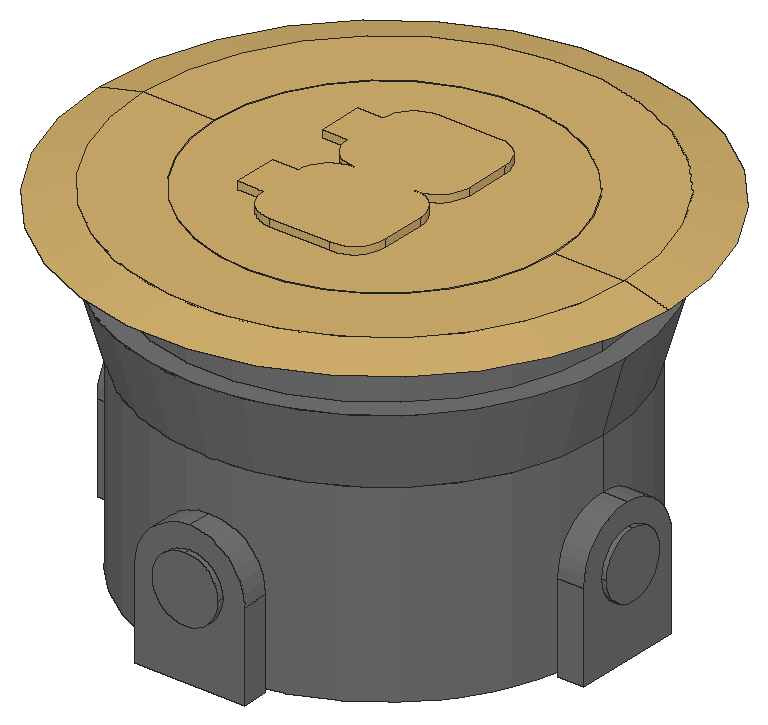
Revit family "Electrical_Equipment-Floor_Box-Hubbell_Wiring-Single_Service_Metal_Concrete-B2503", category Electrical Fixtures, host Face, Revit 2015
Parameters (values of type "B2503 - Brass Collar - 0.75in Access")
  URL = "http://www.hubbell-wiring.com/"
  Product data url = "https://bimobject.com/hubbellwiring/product/systemone-b2503"
  Product Page URL = "http://ecatalog.hubbell-wiring.com/productinformation/viewcatalog.aspx?Dest=hubbell-wiring.com/press/catalog/L.pdf&Page=4"
  Product Documentation Link = "http://ecatalog.hubbell-wiring.com/press/catalog/L-9.pdf"
  Model = "B2503"
  Manufacturer = "Hubbell-Wiring"  # constant formula
  Floor Box Type = Metal Concrete Floor Box : B2503 - Metal Concrete Floor Box
  Description = "Flush Round Single-Service Metal Concrete Floor Box"  # constant formula
  Default Elevation = 0' - 0"
  Cover Type [instance] = Single Service Covers : S3925 - Duplex Flap - Brass
  Cover Accessory Type [instance] = Carpet Flange : S3082 - 6.25in - Brass
  Construction Note [instance] = "Use Brass Cover Material -- Turn Off Accessory for One Piece Cover"  # constant formula
  Conduit Connector_4 Description = "Conduit 0.75in. Connection"
  Conduit Connector_3 Description = "Conduit 0.75in. Connection"
  Conduit Connector_2 Description = "Conduit 0.75in. Connection"
  Conduit Connector_1 Description = "Conduit 0.75in. Connection"
  Conduit Connector 1 Radius = 0' - 0 3/8"
  Collar Material = Metal-Hubbell-Brass
  Box Material = Metal-Hubbell-Cast Iron
  Assembly Code = "D5020115"
Reference planes (in)
  plane 1 "Center (Front/Back)": y = 0
  plane 2: z = 0
  plane 3 "Center (Left/Right)": x = 0
Forms (in)
  Extrusion 1, void, detail levels fine
    sketch origin (0, 0, 0) x (1, 0, 0) y (0, 1, 0)
      loop
        circle (0, 0) r 2.75014
    from 0.12 to -3.75
Lines and regions (in)
  symbolic lines
    curve 1: circle (0, 0, 0) r 3.25 normal (0, 0, 1)
Dimensions and locks (in)
  aligned and locked: plane 2 to host face
  aligned and locked: level to host face
  aligned: level to Extrusion 1
  aligned and locked: plane 1 "Center (Front/Back)" to nested 1
  aligned: plane 2 to nested 1
  aligned: Extrusion 1 to nested 1
  aligned and locked: plane 1 "Center (Front/Back)" to nested 2
  aligned and locked: plane 1 "Center (Front/Back)" to nested 3
  aligned and locked: plane 2 to nested 3
  aligned and locked: plane 3 "Center (Left/Right)" to nested 3
  aligned and locked: plane 3 "Center (Left/Right)" to nested 2
  aligned and locked: plane 2 to nested 1
  aligned and locked: plane 3 "Center (Left/Right)" to nested 1
  aligned and locked: nested 2 to plane 2
  aligned and locked: Extrusion 1 sketch curve to nested 2  (x2)
  aligned and locked: Extrusion 1 to nested 2
Nested families (in)
  nested 1: "Metal Concrete Floor Box" at (0, 0, 0), type <- "Floor Box Type", type "B2503 - Metal Concrete Floor Box"
  nested 2: "Carpet Flange" at (0, 0, 0), type <- "Cover Accessory Type", type "S3082 - 6.25in - Brass"
  nested 3: "Single Service Covers" at (0, 0, 0), type <- "Cover Type", type "S3925 - Duplex Flap - Brass"
Connectors (in)
  cabletrayconduit at (0, -2.83993, -2.75), diameter 0.75, driven by "Conduit Connector 1 Radius", driven by "Conduit Connector_1 Description"
    settings: on nested 1, index 1, connector width 1' - 0", connector height 1' - 0", connector angle 0.00°, system type 32, placement type 0, profile type 0, connector reference index -1, is primary connector yes, connector utility param no, connector description "Conduit 0.75in. Connection"
  cabletrayconduit at (2.83993, 0, -2.75), diameter 0.75, driven by "Conduit Connector 1 Radius", driven by "Conduit Connector_2 Description"
    settings: on nested 1, index 2, connector width 1' - 0", connector height 1' - 0", connector angle 0.00°, system type 32, placement type 0, profile type 0, connector reference index -1, is primary connector no, connector utility param no, connector description "Conduit 0.75in. Connection"
  cabletrayconduit at (0, 2.83993, -2.75), diameter 0.75, driven by "Conduit Connector 1 Radius", driven by "Conduit Connector_3 Description"
    settings: on nested 1, index 3, connector width 1' - 0", connector height 1' - 0", connector angle 0.00°, system type 32, placement type 0, profile type 0, connector reference index -1, is primary connector no, connector utility param no, connector description "Conduit 0.75in. Connection"
  cabletrayconduit at (-2.83993, 0, -2.75), diameter 0.75, driven by "Conduit Connector 1 Radius", driven by "Conduit Connector_4 Description"
    settings: on nested 1, index 4, connector width 1' - 0", connector height 1' - 0", connector angle 0.00°, system type 32, placement type 0, profile type 0, connector reference index -1, is primary connector no, connector utility param no, connector description "Conduit 0.75in. Connection"
Definition of nested family "Metal Concrete Floor Box"
  Parameters
    Cover Material = none
    Conduit Connector Offset = 0' - 1"
    Conduit Connector 1 Radius = 0' - 0 3/8"
    Can Material = none
    Assembly Code = ""
  Reference planes (in)
    plane 1 "Center (Front/Back)": y = 0
    plane 2: z = 0
    plane 3 "Center (Left/Right)": x = 0
    plane 4: z = -3.75
    plane 5: z = -2.75
  Forms (in)
    Extrusion 1, solid, material <- "Can Material"
      sketch origin (0, 0, 0) x (1, 0, 0) y (0, 1, 0)
        loop
          circle (0, 0) r 2.5
      from -1.55483 to -3.75
    Extrusion 2, solid, material <- "Cover Material"
      sketch origin (0, 0, 0) x (1, 0, 0) y (0, 1, 0)
        loop
          circle (0, 0) r 2.5
        loop
          circle (0, 0) r 2.25
      from -0.0625 to 0
    Extrusion 3, solid, material <- "Can Material"
      sketch origin (0, 0, 0) x (1, 0, 0) y (0, 1, 0)
        loop
          circle (0, 0) r 2.5
        loop
          circle (0, 0) r 2.25
      from -0.68019 to -0.0625
    Extrusion 4, solid, material <- "Can Material"
      sketch origin (0, 0, 0) x (1, 0, 0) y (0, 0, -1)
        loop
          arc (-0.375, 2.75) -> (-0.26517, 2.48483) -> (0, 2.375) r 0.375
          arc (0, 2.375) -> (0.26517, 2.48483) -> (0.375, 2.75) r 0.375
          arc (0.375, 2.75) -> (0.26517, 3.01517) -> (0, 3.125) r 0.375
          arc (0, 3.125) -> (-0.26517, 3.01517) -> (-0.375, 2.75) r 0.375
      from -2.77743 to -2.83993
    Blend 5, solid, material <- "Can Material"
      base sketch origin (0, 0, 0) x (1, 0, 0) y (0, 1, 0)
        loop
          circle (0, 0) r 2.5
      top sketch origin (0, 0, 0) x (1, 0, 0) y (0, 1, 0)
        loop
          circle (0, 0) r 2.75
      from -1.55483 to -0.68019
    Extrusion 6, solid, material <- "Can Material"
      sketch origin (0, 0, 0) x (1, 0, 0) y (0, 0, 1)
        loop
          line (-0.625, -2.75) -> (-0.625, -3.75) -> (0.625, -3.75) -> (0.625, -2.75)
          arc (0.625, -2.75) -> (0.44194, -2.30806) -> (0, -2.125) r 0.625
          arc (0, -2.125) -> (-0.44194, -2.30806) -> (-0.625, -2.75) r 0.625
      from 2.4825 to 2.77743
    Extrusion 7, solid, material <- "Can Material"
      sketch origin (0, 0, 0) x (1, 0, 0) y (0, 0, 1)
        loop
          arc (-0.375, -2.75) -> (-0.26517, -3.01517) -> (0, -3.125) r 0.375
          arc (0, -3.125) -> (0.26517, -3.01517) -> (0.375, -2.75) r 0.375
          arc (0.375, -2.75) -> (0.26517, -2.48483) -> (0, -2.375) r 0.375
          arc (0, -2.375) -> (-0.26517, -2.48483) -> (-0.375, -2.75) r 0.375
      from -2.77743 to -2.83993
    Extrusion 8, solid, material <- "Can Material"
      sketch origin (0, 0, 0) x (1, 0, 0) y (0, 0, -1)
        loop
          arc (-0.625, 2.75) -> (-0.44194, 2.30806) -> (0, 2.125) r 0.625
          arc (0, 2.125) -> (0.44194, 2.30806) -> (0.625, 2.75) r 0.625
          line (0.625, 2.75) -> (0.625, 3.75) -> (-0.625, 3.75) -> (-0.625, 2.75)
      from 2.4825 to 2.77743
    Extrusion 9, solid, material <- "Can Material"
      sketch origin (0, 0, 0) x (0, 1, 0) y (0, 0, -1)
        loop
          arc (-0.375, 2.75) -> (-0.26517, 2.48483) -> (0, 2.375) r 0.375
          arc (0, 2.375) -> (0.26517, 2.48483) -> (0.375, 2.75) r 0.375
          arc (0.375, 2.75) -> (0.26517, 3.01517) -> (0, 3.125) r 0.375
          arc (0, 3.125) -> (-0.26517, 3.01517) -> (-0.375, 2.75) r 0.375
      from -2.77743 to -2.83993
    Extrusion 10, solid, material <- "Can Material"
      sketch origin (0, 0, 0) x (0, 1, 0) y (0, 0, 1)
        loop
          line (-0.625, -2.75) -> (-0.625, -3.75) -> (0.625, -3.75) -> (0.625, -2.75)
          arc (0.625, -2.75) -> (0.44194, -2.30806) -> (0, -2.125) r 0.625
          arc (0, -2.125) -> (-0.44194, -2.30806) -> (-0.625, -2.75) r 0.625
      from 2.4825 to 2.77743
    Extrusion 11, solid, material <- "Can Material"
      sketch origin (0, 0, 0) x (0, 1, 0) y (0, 0, 1)
        loop
          arc (-0.375, -2.75) -> (-0.26517, -3.01517) -> (0, -3.125) r 0.375
          arc (0, -3.125) -> (0.26517, -3.01517) -> (0.375, -2.75) r 0.375
          arc (0.375, -2.75) -> (0.26517, -2.48483) -> (0, -2.375) r 0.375
          arc (0, -2.375) -> (-0.26517, -2.48483) -> (-0.375, -2.75) r 0.375
      from -2.77743 to -2.83993
    Extrusion 12, solid, material <- "Can Material"
      sketch origin (0, 0, 0) x (0, 1, 0) y (0, 0, -1)
        loop
          arc (-0.625, 2.75) -> (-0.44194, 2.30806) -> (0, 2.125) r 0.625
          arc (0, 2.125) -> (0.44194, 2.30806) -> (0.625, 2.75) r 0.625
          line (0.625, 2.75) -> (0.625, 3.75) -> (-0.625, 3.75) -> (-0.625, 2.75)
      from 2.4825 to 2.77743
  Cuts and joins
    joined: Extrusion 1, Extrusion 3, Extrusion 4, Blend 5, Extrusion 6, Extrusion 7, Extrusion 8, Extrusion 9, Extrusion 10, Extrusion 11, Extrusion 12
  Lines and regions (in)
    Masking region 1
      outline origin (0, 0, 0) x (1, 0, 0) y (0, 1, 0)
        loop
          line (0.375, 2.83993) -> (-0.375, 2.83993) -> (-0.375, 2.77743) -> (-0.625, 2.77743) -> (-0.625, 2.67804)
          arc (-0.625, 2.67804) -> (-1.94454, 1.94454) -> (-2.67804, 0.625) r 2.75
          line (-2.67804, 0.625) -> (-2.77743, 0.625) -> (-2.77743, 0.375) -> (-2.83993, 0.375) -> (-2.83993, -0.375) -> (-2.77743, -0.375) -> (-2.77743, -0.625) -> (-2.67804, -0.625)
          arc (-2.67804, -0.625) -> (-1.94454, -1.94454) -> (-0.625, -2.67804) r 2.75
          line (-0.625, -2.67804) -> (-0.625, -2.77743) -> (-0.375, -2.77743) -> (-0.375, -2.83993) -> (0.375, -2.83993) -> (0.375, -2.77743) -> (0.625, -2.77743) -> (0.625, -2.67804)
          arc (0.625, -2.67804) -> (1.94454, -1.94454) -> (2.67804, -0.625) r 2.75
          line (2.67804, -0.625) -> (2.77743, -0.625) -> (2.77743, -0.375) -> (2.83993, -0.375) -> (2.83993, 0.375) -> (2.77743, 0.375) -> (2.77743, 0.625) -> (2.67804, 0.625)
          arc (2.67804, 0.625) -> (1.94454, 1.94454) -> (0.625, 2.67804) r 2.75
          line (0.625, 2.67804) -> (0.625, 2.77743) -> (0.375, 2.77743) -> (0.375, 2.83993)
  Dimensions and locks (in)
    "Conduit Connector Offset": plane 5 to plane 4
    level to plane 4 = 0' - 3 3/4"
    "Conduit Connector 1 Radius": radius of Extrusion 4 sketch curve
    "Conduit Connector 1 Radius": radius of Extrusion 7 sketch curve
    "Conduit Connector 1 Radius": radius of Extrusion 9 sketch curve
    "Conduit Connector 1 Radius": radius of Extrusion 11 sketch curve
    aligned and locked: plane 2 to level
    aligned and locked: plane 4 to Extrusion 1
    aligned and locked: Extrusion 1 sketch curve to Extrusion 3
    aligned and locked: Extrusion 1 sketch curve to Extrusion 2
    aligned and locked: Extrusion 4 to Extrusion 6
    aligned and locked: Extrusion 8 to Extrusion 7
    aligned and locked: Extrusion 9 to Extrusion 10
    aligned and locked: Extrusion 12 to Extrusion 11
    aligned and locked: Masking region 1 sketch curve to cut or joined group of Extrusion 1, Extrusion 3, Extrusion 4, Blend 5, Extrusion 6, Extrusion 7, Extrusion 8, Extrusion 9, Extrusion 10, Extrusion 11, Extrusion 12  (x9)
  Automatic sketch dimensions
    Extrusion 2 sketch curve to Extrusion 2 sketch curve = 0' - 0"  (x2)
    plane 1 "Center (Front/Back)" to Extrusion 2 sketch curve = 0' - 0"
    Extrusion 2 sketch curve to plane 3 "Center (Left/Right)" = 0' - 0"
    Extrusion 3 sketch curve to Extrusion 3 sketch curve = 0' - 0"  (x2)
    plane 1 "Center (Front/Back)" to Extrusion 3 sketch curve = 0' - 0"
    Extrusion 3 sketch curve to plane 3 "Center (Left/Right)" = 0' - 0"
    Extrusion 4 sketch curve to Extrusion 4 sketch curve = 0' - 0"
    Extrusion 4 sketch curve to plane 5 = 0' - 0"
    Extrusion 4 sketch curve to plane 3 "Center (Left/Right)" = 0' - 0"
    plane 1 "Center (Front/Back)" to Blend 5 sketch curve = 0' - 0"  (x2)
    Blend 5 sketch curve to plane 3 "Center (Left/Right)" = 0' - 0"  (x2)
    Extrusion 6 sketch curve to Extrusion 6 sketch curve = 0' - 0"  (x2)
    Extrusion 6 sketch curve to plane 5 = 0' - 0"
    Extrusion 6 sketch curve to plane 4 = 0' - 0"
    Extrusion 6 sketch curve to plane 3 "Center (Left/Right)" = 0' - 0"
    Extrusion 6 sketch curve to plane 3 "Center (Left/Right)" = 0' - 0 5/8"
    Extrusion 7 sketch curve to Extrusion 7 sketch curve = 0' - 0"
    Extrusion 7 sketch curve to plane 5 = 0' - 0"
    Extrusion 7 sketch curve to plane 3 "Center (Left/Right)" = 0' - 0"
    Extrusion 8 sketch curve to Extrusion 8 sketch curve = 0' - 0"  (x2)
    Extrusion 8 sketch curve to plane 5 = 0' - 0"
    Extrusion 8 sketch curve to plane 4 = 0' - 0"
    Extrusion 8 sketch curve to plane 3 "Center (Left/Right)" = 0' - 0"
    Extrusion 8 sketch curve to plane 3 "Center (Left/Right)" = 0' - 0 5/8"
    Extrusion 9 sketch curve to Extrusion 9 sketch curve = 0' - 0"
    Extrusion 9 sketch curve to plane 5 = 0' - 0"
    Extrusion 9 sketch curve to plane 1 "Center (Front/Back)" = 0' - 0"
    Extrusion 10 sketch curve to Extrusion 10 sketch curve = 0' - 0"  (x2)
    Extrusion 10 sketch curve to plane 5 = 0' - 0"
    Extrusion 10 sketch curve to plane 4 = 0' - 0"
    Extrusion 10 sketch curve to plane 1 "Center (Front/Back)" = 0' - 0"
    Extrusion 10 sketch curve to Extrusion 10 sketch curve = 0' - 0 5/8"
    Extrusion 11 sketch curve to Extrusion 11 sketch curve = 0' - 0"
    Extrusion 11 sketch curve to plane 5 = 0' - 0"
    Extrusion 11 sketch curve to plane 1 "Center (Front/Back)" = 0' - 0"
    Extrusion 12 sketch curve to Extrusion 12 sketch curve = 0' - 0"  (x2)
    Extrusion 12 sketch curve to plane 5 = 0' - 0"
    Extrusion 12 sketch curve to plane 4 = 0' - 0"
    Extrusion 12 sketch curve to plane 1 "Center (Front/Back)" = 0' - 0"
    Extrusion 12 sketch curve to Extrusion 12 sketch curve = 0' - 0 5/8"
    Masking region 1 sketch curve to Masking region 1 sketch curve = 0' - 0.0994"  (x8)
    Masking region 1 sketch curve to plane 3 "Center (Left/Right)" = 0' - 0 5/8"
    Masking region 1 sketch curve to Masking region 1 sketch curve = 0' - 0 1/4"  (x8)
    Masking region 1 sketch curve to Masking region 1 sketch curve = 0' - 0 1/16"  (x2)
    plane 3 "Center (Left/Right)" to Masking region 1 sketch curve = 0' - 0 3/8"  (x2)
    Masking region 1 sketch curve to plane 1 "Center (Front/Back)" = 0' - 0 3/8"  (x2)
    Masking region 1 sketch curve to Masking region 1 sketch curve = 0' - 0"  (x6)
    radius of Extrusion 2 sketch curve = 0' - 2 1/2"
    radius of Extrusion 2 sketch curve = 0' - 2 1/4"
    radius of Extrusion 3 sketch curve = 0' - 2 1/2"
    radius of Extrusion 3 sketch curve = 0' - 2 1/4"
    radius of Blend 5 sketch curve = 0' - 2 1/2"
    radius of Blend 5 sketch curve = 0' - 2 3/4"
Definition of nested family "Carpet Flange"
  Parameters
    Cover Material = none
    Assembly Code = ""
    6.25 in. Diameter = yes
    5.25 in. Diameter = no
  Reference planes (in)
    plane 1 "Center (Front/Back)": y = 0
    plane 2: z = 0
    plane 3 "Center (Left/Right)": x = 0
    plane 4: z = 0.12
    plane 5: x = -1.94
    plane 6: x = -2.75014
    plane 7: z = -0.44
    plane 8: z = 0.12
    plane 9: x = -1.94
    plane 10: x = -2.75014
    plane 11: z = -0.44
    plane 12: x = -3.25014
  Forms (in)
    Revolve 1, solid, material <- "Cover Material", visible <- "5.25 in. Diameter"
      sketch origin (0, 0, 0) x (1, 0, 0) y (0, 0, 1)
        loop
          line (-2.01967, 0) -> (-2.01967, -0.44) -> (-1.78401, -0.44) -> (-1.78401, -0.39301) -> (-1.94, -0.39301) -> (-1.94, 0.12) -> (-2.42153, 0.12) -> (-2.75014, 0) -> (-2.01967, 0)
        axis (0, 0.12) -> (0, -0.44)
      angle from 0 to 360
    Revolve 2, solid, material <- "Cover Material", visible <- "6.25 in. Diameter"
      sketch origin (0, 0, 0) x (1, 0, 0) y (0, 0, 1)
        loop
          line (-2.01967, 0) -> (-2.01967, -0.44) -> (-1.78401, -0.44) -> (-1.78401, -0.39301) -> (-1.94, -0.39301) -> (-1.94, 0.12) -> (-2.75014, 0.12) -> (-3.25014, 0) -> (-2.01967, 0)
        axis (0, 0.12) -> (0, -0.44)
      angle from 0 to 360
  Lines and regions (in)
    Masking region 1, visible <- "6.25 in. Diameter"
      outline origin (0, 0, 0) x (1, 0, 0) y (0, 1, 0)
        loop
          circle (0, 0) r 3.25014
    Masking region 2, visible <- "5.25 in. Diameter"
      outline origin (0, 0, 0) x (1, 0, 0) y (0, 1, 0)
        loop
          circle (0, 0) r 2.75014
    symbolic lines, visible <- "6.25 in. Diameter", detail levels medium+fine
      curve 1: arc (2.75014, 0, 0) -> (0, 2.75014, 0) -> (-2.75014, 0, 0) r 2.75014
      curve 2: arc (-2.75014, 0, 0) -> (0, -2.75014, 0) -> (2.75014, 0, 0) r 2.75014
    symbolic lines, visible <- "6.25 in. Diameter", detail levels fine
      curve 3: arc (-1.78401, 0, 0) -> (0, 1.78401, 0) -> (1.78401, 0, 0) r 1.78401
      curve 4: arc (1.78401, 0, 0) -> (0, -1.78401, 0) -> (-1.78401, 0, 0) r 1.78401
    symbolic lines, visible <- "5.25 in. Diameter", detail levels medium+fine
      curve 5: arc (2.42153, 0, 0) -> (0, 2.42153, 0) -> (-2.42153, 0, 0) r 2.42153
      curve 6: arc (-2.42153, 0, 0) -> (0, -2.42153, 0) -> (2.42153, 0, 0) r 2.42153
    symbolic lines, visible <- "5.25 in. Diameter", detail levels fine
      curve 7: arc (1.78401, 0, 0) -> (0, -1.78401, 0) -> (-1.78401, 0, 0) r 1.78401
      curve 8: arc (-1.78401, 0, 0) -> (0, 1.78401, 0) -> (1.78401, 0, 0) r 1.78401
  Dimensions and locks (in)
    plane 3 "Center (Left/Right)" to plane 6 = 0' - 2.75014"
    plane 4 to plane 7 = 0' - 0.56"
    Revolve 1 sketch curve to plane 5 = 0' - 1.94"
    plane 8 to plane 11 = 0' - 0.56"
    Revolve 2 sketch curve to plane 9 = 0' - 1.94"
    aligned and locked: plane 2 to level
    aligned and locked: curve 1 to Revolve 2
    aligned and locked: curve 2 to Revolve 2
    aligned and locked: curve 3 to Revolve 2
    aligned and locked: curve 4 to Revolve 2
    aligned and locked: curve 5 to Revolve 1
    aligned and locked: curve 6 to Revolve 1
    aligned and locked: curve 7 to Revolve 2
    aligned and locked: curve 8 to Revolve 2
Definition of nested family "Single Service Covers"
  Parameters
    Duplex Screw = no
    Duplex Flap = yes
    Cover Material = none
    Combination Flap = no
    Box = yes
    Assembly Code = ""
  Reference planes (in)
    plane 1 "Center (Front/Back)": y = 0
    plane 2: z = 0
    plane 3 "Center (Left/Right)": x = 0
  Forms (in)
    Extrusion 1, solid, material <- "Cover Material", visible <- "Duplex Flap", detail levels medium+fine
      sketch origin (0, 0, 0) x (1, 0, 0) y (0, 1, 0)
        loop
          arc (-0.34332, 1.20711) -> (-0.59332, 1.10355) -> (-0.69687, 0.85355) r 0.35355
          line (-0.69687, 0.85355) -> (-0.98976, 0.85355) -> (-0.98976, 0.35355) -> (-0.69687, 0.35355)
          arc (-0.69687, 0.35355) -> (-0.59332, 0.10355) -> (-0.34332, 0) r 0.35355
          arc (-0.34332, 0) -> (-0.59332, -0.10355) -> (-0.69687, -0.35355) r 0.35355
          line (-0.69687, -0.35355) -> (-0.98976, -0.35355) -> (-0.98976, -0.85355) -> (-0.69687, -0.85355)
          arc (-0.69687, -0.85355) -> (-0.59332, -1.10355) -> (-0.34332, -1.20711) r 0.35355
          line (-0.34332, -1.20711) -> (0.34332, -1.20711)
          arc (0.34332, -1.20711) -> (0.59332, -1.10355) -> (0.69687, -0.85355) r 0.35355
          line (0.69687, -0.85355) -> (0.69687, -0.35355)
          arc (0.69687, -0.35355) -> (0.59332, -0.10355) -> (0.34332, 0) r 0.35355
          arc (0.34332, 0) -> (0.59332, 0.10355) -> (0.69687, 0.35355) r 0.35355
          line (0.69687, 0.35355) -> (0.69687, 0.85355)
          arc (0.69687, 0.85355) -> (0.59332, 1.10355) -> (0.34332, 1.20711) r 0.35355
          line (0.34332, 1.20711) -> (-0.34332, 1.20711)
      from 0.12 to 0.20228
    Extrusion 2, solid, material <- "Cover Material", visible <- "Combination Flap", detail levels medium+fine
      sketch origin (0.0053, 0, 0) x (1, 0, 0) y (0, 1, 0)
        loop
          circle (0, 0) r 1
        loop
          line (-0.08565, 0.54465) -> (-0.08565, -0.54465) -> (0.0625, -0.54465) -> (0.0625, 0.54465) -> (-0.08565, 0.54465)
      from 0.12 to 0.20228
    Extrusion 3, solid, material <- "Cover Material", visible <- "Box"
      sketch origin (0, 0, 0) x (1, 0, 0) y (0, 1, 0)
        loop
          circle (0, 0) r 1.94
      from -0.44 to 0.12
    Extrusion 4, solid, material <- "Cover Material", visible <- "Duplex Screw", detail levels medium+fine
      sketch origin (-0.00003, 0.76567, 0) x (0, 1, 0) y (-1, 0, 0)
        loop
          circle (-0.01567, -0.00003) r 0.75
        loop
          line (-0.07309, 0.39733) -> (-0.07309, -0.41965) -> (0.0625, -0.41965) -> (0.0625, 0.39733) -> (-0.07309, 0.39733)
      from 0.12 to 0.20228
    Extrusion 5, solid, material <- "Cover Material", visible <- "Duplex Screw", detail levels medium+fine
      sketch origin (-0.00003, -0.73433, 0) x (0, 1, 0) y (-1, 0, 0)
        loop
          circle (-0.01567, -0.00003) r 0.75
        loop
          line (-0.07309, 0.39733) -> (-0.07309, -0.41965) -> (0.0625, -0.41965) -> (0.0625, 0.39733) -> (-0.07309, 0.39733)
      from 0.12 to 0.20228
  Lines and regions (in)
    Masking region 1, visible <- "Box"
      outline origin (0, 0, 0) x (1, 0, 0) y (0, 1, 0)
        loop
          circle (0, 0) r 1.94
    symbolic lines, visible <- "Duplex Screw", detail levels fine
      curve 1: arc (0, 1.5, 0) -> (-0.75, 0.75, 0) -> (0, 0, 0) r 0.75
      curve 2: arc (0, 0, 0) -> (0.75, 0.75, 0) -> (0, 1.5, 0) r 0.75
      curve 3: line (-0.39736, 0.82817, 0) -> (0.41962, 0.82817, 0)
      curve 4: line (0.41962, 0.82817, 0) -> (0.41962, 0.69257, 0)
      curve 5: line (0.41962, 0.69257, 0) -> (-0.39736, 0.69257, 0)
      curve 6: line (-0.39736, 0.69257, 0) -> (-0.39736, 0.82817, 0)
      curve 7: arc (0, 0, 0) -> (-0.75, -0.75, 0) -> (0, -1.5, 0) r 0.75
      curve 8: arc (0, -1.5, 0) -> (0.75, -0.75, 0) -> (0, 0, 0) r 0.75
      curve 9: line (0.41962, -0.80743, 0) -> (-0.39736, -0.80743, 0)
      curve 10: line (0.41962, -0.67183, 0) -> (0.41962, -0.80743, 0)
      curve 11: line (-0.39736, -0.67183, 0) -> (0.41962, -0.67183, 0)
      curve 12: line (-0.39736, -0.80743, 0) -> (-0.39736, -0.67183, 0)
    symbolic lines, visible <- "Duplex Flap", detail levels fine
      curve 13: arc (-0.69687, -0.85355, 0) -> (-0.59332, -1.10355, 0) -> (-0.34332, -1.20711, 0) r 0.35355
      curve 14: line (-0.34332, -1.20711, 0) -> (0.34332, -1.20711, 0)
      curve 15: arc (0.34332, -1.20711, 0) -> (0.59332, -1.10355, 0) -> (0.69687, -0.85355, 0) r 0.35355
      curve 16: line (0.69687, -0.85355, 0) -> (0.69687, -0.35355, 0)
      curve 17: arc (0.69687, -0.35355, 0) -> (0.59332, -0.10355, 0) -> (0.34332, 0, 0) r 0.35355
      curve 18: arc (0.34332, 0, 0) -> (0.59332, 0.10355, 0) -> (0.69687, 0.35355, 0) r 0.35355
      curve 19: line (0.69687, 0.35355, 0) -> (0.69687, 0.85355, 0)
      curve 20: arc (0.69687, 0.85355, 0) -> (0.59332, 1.10355, 0) -> (0.34332, 1.20711, 0) r 0.35355
      curve 21: line (0.34332, 1.20711, 0) -> (-0.34332, 1.20711, 0)
      curve 22: arc (-0.34332, 1.20711, 0) -> (-0.59332, 1.10355, 0) -> (-0.69687, 0.85355, 0) r 0.35355
      curve 23: line (-0.69687, 0.85355, 0) -> (-0.98976, 0.85355, 0)
      curve 24: line (-0.98976, 0.85355, 0) -> (-0.98976, 0.35355, 0)
      curve 25: line (-0.98976, 0.35355, 0) -> (-0.69687, 0.35355, 0)
      curve 26: arc (-0.69687, 0.35355, 0) -> (-0.59332, 0.10355, 0) -> (-0.34332, 0, 0) r 0.35355
      curve 27: arc (-0.34332, 0, 0) -> (-0.59332, -0.10355, 0) -> (-0.69687, -0.35355, 0) r 0.35355
      curve 28: line (-0.69687, -0.35355, 0) -> (-0.98976, -0.35355, 0)
      curve 29: line (-0.98976, -0.35355, 0) -> (-0.98976, -0.85355, 0)
      curve 30: line (-0.98976, -0.85355, 0) -> (-0.69687, -0.85355, 0)
    symbolic lines, visible <- "Combination Flap", detail levels fine
      curve 31: arc (-0.9947, 0, 0) -> (0.0053, -1, 0) -> (1.0053, 0, 0) r 1
      curve 32: arc (1.0053, 0, 0) -> (0.0053, 1, 0) -> (-0.9947, 0, 0) r 1
      curve 33: line (-0.08035, -0.54465, 0) -> (-0.08035, 0.54465, 0)
      curve 34: line (-0.08035, 0.54465, 0) -> (0.0678, 0.54465, 0)
      curve 35: line (0.0678, 0.54465, 0) -> (0.0678, -0.54465, 0)
      curve 36: line (0.0678, -0.54465, 0) -> (-0.08035, -0.54465, 0)
  Dimensions and locks (in)
    aligned and locked: plane 2 to level
    aligned and locked: curve 1 to Extrusion 4
    aligned and locked: curve 2 to Extrusion 4
    aligned and locked: curve 3 to Extrusion 4
    aligned and locked: curve 4 to Extrusion 4
    aligned and locked: curve 5 to Extrusion 4
    aligned and locked: curve 6 to Extrusion 4
    aligned and locked: curve 7 to Extrusion 5
    aligned and locked: curve 8 to Extrusion 5
    aligned and locked: curve 9 to Extrusion 5
    aligned and locked: curve 10 to Extrusion 5
    aligned and locked: curve 11 to Extrusion 5
    aligned and locked: curve 12 to Extrusion 5
    aligned and locked: curve 13 to Extrusion 1
    aligned and locked: curve 14 to Extrusion 1
    aligned and locked: curve 15 to Extrusion 1
    aligned and locked: curve 16 to Extrusion 1
    aligned and locked: curve 17 to Extrusion 1
    aligned and locked: curve 18 to Extrusion 1
    aligned and locked: curve 19 to Extrusion 1
    aligned and locked: curve 20 to Extrusion 1
    aligned and locked: curve 21 to Extrusion 1
    aligned and locked: curve 22 to Extrusion 1
    aligned and locked: curve 23 to Extrusion 1
    aligned and locked: curve 24 to Extrusion 1
    aligned and locked: curve 25 to Extrusion 1
    aligned and locked: curve 26 to Extrusion 1
    aligned and locked: curve 27 to Extrusion 1
    aligned and locked: curve 28 to Extrusion 1
    aligned and locked: curve 29 to Extrusion 1
    aligned and locked: curve 30 to Extrusion 1
    aligned and locked: curve 31 to Extrusion 2
    aligned and locked: curve 32 to Extrusion 2
    aligned and locked: curve 33 to Extrusion 2
    aligned and locked: curve 34 to Extrusion 2
    aligned and locked: curve 35 to Extrusion 2
    aligned and locked: curve 36 to Extrusion 2
